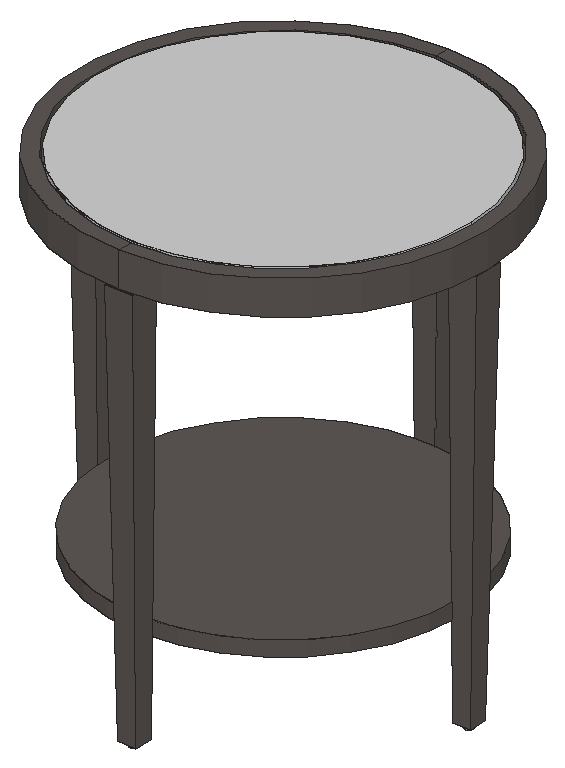
Revit family
Parameters
  URL = "http://www.martinbrattrud.com"
  Table Top [instance] = none
  SCS Certified Product = "Yes"
  Model = "Knightswood 2210-20CH"
  Manufacturer = "Martin Brattrud, Inc."
  Table Wood [instance] = none
  Leg [instance] = none
  Keynote = "125000"
  Copyright = "© 2013 Martin Brattrud, Inc."
  Authoring Version = "Revit Architecture 2010"
  Assembly Code = "E2020200"
Reference planes (in)
  plane 1 "Center Front/Back": y = 0
  plane 2: z = 0
  plane 3 "Center Left/Right": x = 0
Forms (in)
  Revolve 1, solid, material <- "Table Wood"
    sketch origin (0, 0, 0) x (0, 1, 0) y (0, 0, 1)
      loop
        line (10, 22) -> (9.25, 22) -> (9.25, 21.5) -> (8.875, 21.5) -> (8.875, 20.3125) -> (10, 20.3125) -> (10, 22)
      axis (0, 22) -> (0, 20.3125)
    angle from 0 to 360
  Extrusion 2, solid, material <- "Table Top"
    sketch origin (0, 0, 0) x (1, 0, 0) y (0, 1, 0)
      loop
        circle (0, 0) r 9.125
    from 21.5 to 22
  Blend 3, solid, material <- "Table Wood"
    base sketch origin (0, 0, 0) x (1, 0, 0) y (0, 1, 0)
      loop
        line (-8.59508, 0.69) -> (-9.97508, 0.69) -> (-9.97508, -0.69) -> (-8.59508, -0.69) -> (-8.59508, 0.69)
    top sketch origin (0, 0, 0) x (1, 0, 0) y (0, 1, 0)
      loop
        line (-8.59508, 0.4375) -> (-9.47008, 0.4375) -> (-9.47008, -0.4375) -> (-8.59508, -0.4375) -> (-8.59508, 0.4375)
    from 20.25 to 0.25
  Extrusion 4, solid, material <- "Table Wood"
    sketch origin (-0.065, 0, 0) x (1, 0, 0) y (0, 1, 0)
      loop
        line (-9.84508, 0.625) -> (-9.84508, -0.625) -> (-8.53008, -0.625) -> (-8.53008, 0.625) -> (-9.84508, 0.625)
      loop
        line (9.97508, 0.625) -> (8.66008, 0.625) -> (8.66008, -0.625) -> (9.97508, -0.625) -> (9.97508, 0.625)
      loop
        line (-0.56, -9.91008) -> (0.69, -9.91008) -> (0.69, -8.59508) -> (-0.56, -8.59508) -> (-0.56, -9.91008)
      loop
        line (-0.56, 9.91008) -> (-0.56, 8.59508) -> (0.69, 8.59508) -> (0.69, 9.91008) -> (-0.56, 9.91008)
    from 20.25 to 20.3125
  Revolve 5, solid
    sketch origin (0, 9.03258, 0) x (0, 1, 0) y (0, 0, 1)
      loop
        line (0, 0.25) -> (0, 0) -> (0.125, 0)
        arc (0.125, 0) -> (0.21339, 0.03661) -> (0.25, 0.125) r 0.125
        line (0.25, 0.125) -> (0.25, 0.25) -> (0, 0.25)
      axis (0, 0.25) -> (0, 0)
    angle from 0 to 360
  Blend 6, solid, material <- "Table Wood"
    base sketch origin (0, 0, 0) x (-1, 0, 0) y (0, -1, 0)
      loop
        line (-8.59508, -0.69) -> (-8.59508, 0.69) -> (-9.97508, 0.69) -> (-9.97508, -0.69) -> (-8.59508, -0.69)
    top sketch origin (0, 0, 0) x (-1, 0, 0) y (0, -1, 0)
      loop
        line (-8.59508, -0.4375) -> (-8.59508, 0.4375) -> (-9.47008, 0.4375) -> (-9.47008, -0.4375) -> (-8.59508, -0.4375)
    from 20.25 to 0.25
  Blend 7, solid, material <- "Table Wood"
    base sketch origin (0, 0, 0) x (0, 1, 0) y (-1, 0, 0)
      loop
        line (-8.59508, 0.69) -> (-9.97508, 0.69) -> (-9.97508, -0.69) -> (-8.59508, -0.69) -> (-8.59508, 0.69)
    top sketch origin (0, 0, 0) x (0, 1, 0) y (-1, 0, 0)
      loop
        line (-8.59508, 0.4375) -> (-9.47008, 0.4375) -> (-9.47008, -0.4375) -> (-8.59508, -0.4375) -> (-8.59508, 0.4375)
    from 20.25 to 0.25
  Blend 8, solid, material <- "Table Wood"
    base sketch origin (0, 0, 0) x (0, -1, 0) y (1, 0, 0)
      loop
        line (-8.59508, -0.69) -> (-8.59508, 0.69) -> (-9.97508, 0.69) -> (-9.97508, -0.69) -> (-8.59508, -0.69)
    top sketch origin (0, 0, 0) x (0, -1, 0) y (1, 0, 0)
      loop
        line (-8.59508, -0.4375) -> (-8.59508, 0.4375) -> (-9.47008, 0.4375) -> (-9.47008, -0.4375) -> (-8.59508, -0.4375)
    from 20.25 to 0.25
  Revolve 9, solid
    sketch origin (0, -9.03258, 0) x (0, -1, 0) y (0, 0, 1)
      loop
        line (0, 0.25) -> (0, 0) -> (0.125, 0)
        arc (0.125, 0) -> (0.21339, 0.03661) -> (0.25, 0.125) r 0.125
        line (0.25, 0.125) -> (0.25, 0.25) -> (0, 0.25)
      axis (0, 0.25) -> (0, 0)
    angle from 0 to 360
  Revolve 10, solid
    sketch origin (-9.03258, 0, 0) x (-1, 0, 0) y (0, 0, 1)
      loop
        line (0, 0.25) -> (0, 0) -> (0.125, 0)
        arc (0.125, 0) -> (0.21339, 0.03661) -> (0.25, 0.125) r 0.125
        line (0.25, 0.125) -> (0.25, 0.25) -> (0, 0.25)
      axis (0, 0.25) -> (0, 0)
    angle from 0 to 360
  Revolve 11, solid
    sketch origin (9.03258, 0, 0) x (1, 0, 0) y (0, 0, -1)
      loop
        line (0, -0.25) -> (0.25, -0.25) -> (0.25, -0.125)
        arc (0.25, -0.125) -> (0.21339, -0.03661) -> (0.125, 0) r 0.125
        line (0.125, 0) -> (0, 0) -> (0, -0.25)
      axis (0, -0.25) -> (0, 0)
    angle from 0 to 360
  Extrusion 12, solid, material <- "Table Wood"
    sketch origin (0, 0, 0) x (1, 0, 0) y (0, 1, 0)
      loop
        circle (0, 0) r 8.625
    from 4.75 to 5.5
